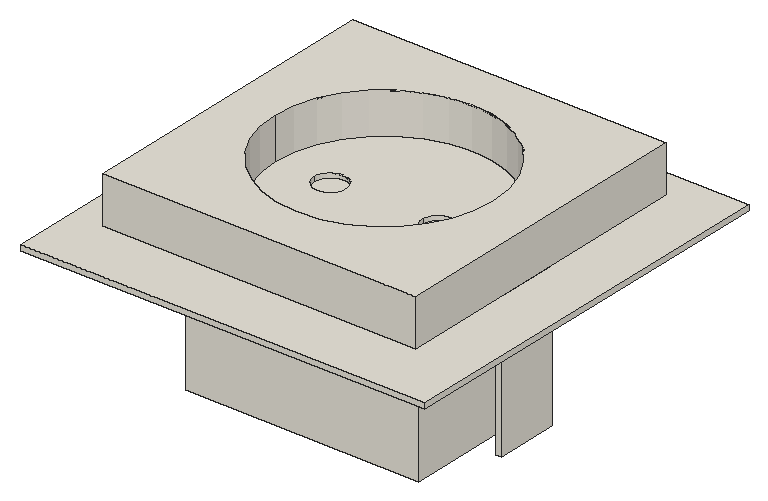
Revit family "Gira_041401", category Electrical Fixtures, host Face, Revit 2017
Family settings
  Host = Face
  Maintain Annotation Orientation = Yes
  Round Connector Dimension = Use Diameter
  Part Type = Normal
  Cut with Voids When Loaded = No
  Shared = No
  Room Calculation Point = No
Parameters (values of type "SCHUKO KD + SH System 55 Cremeweiß")
  Überspannungsschutz = "No"
  Werkstoffgüte = "sonstige"
  Werkstoff = "sonstige"
  Verdrehter Zentraleinsatz = "No"
  URL = "http://katalog.gira.de/de_DE/datenblatt.html?artikelnr=041401"
  Transparent = "No"
  Textfeld/Beschriftungsfläche = "No"
  Sonderstromversorgung = "ohne Sonderstromversorgung"
  Schutzleiterkontakt rund = "No"
  Schutzkontakt = "Yes"
  Region = "DE"
  RAL-Nummer (ähnlich) = "1013 "
  Oberfläche = "sonstige"
  Nennstrom = "16 Ampere"
  Nennspannung = "250 Volt"
  Name = "SCHUKO KD + SH System 55 Cremeweiß"
  Montageart = "unter Putz"
  Model = "SYS55_Steckdose"
  Mit erhöhtem Berührungsschutz = "Yes"
  Mit eingebauter USB-Spannungsversorgung = "No"
  Mit Signallampe = "No"
  Mit Orientierungsbeleuchtung = "No"
  Mit Klappdeckel = "Yes"
  Mit Funktionsbeleuchtung = "No"
  Mit Feinsicherung = "No"
  Mit Ein-/Ausschalter = "No"
  Mit Durchschleiffunktion = "No"
  Manufacturer URL = "https://www.gira.de/"
  Isolierter Einbau = "No"
  HeinzeBIM = "https://bimportal.heinze.de/bim/schuko-kd-sh-system-55-cremeweiss/bd82dc02df0ef36c19f9f513c0456cff2371cf5b"
  Halogenfrei = "Yes"
  HAN = "041401"
  Geeignet für Schutzart (IP) = "IP20"
  GTIN = "4010337414018"
  Für "erschwerte Bedingungen" (nach VDE) = "No"
  Frequenz = "50 - 50"
  Fehlerstromschutz = "No"
  Farbe = "cremeweiß (elektroweiß)"
  Default Elevation = 1219.2 mm
  Data sheet (1) = "https://katalog.gira.de/de_DE/download.html?artikelnr=041401"
  Cremeweiß glänzend = Cremeweiß glänzend
  Category = "Steckdose"
  Befestigungsart = "Krallen-/Schraubbefestigung"
  Available = "Yes"
  Auswurfmechanismus = "No"
  Ausführung der Oberfläche = "glänzend"
  Ausführung = "Schuko"
  Aufdruck/Kennzeichnung = "sonstige"
  Anzahl der Steckdosen schaltbar = "0 "
  Anzahl der Module (bei Modulbauweise) = "1 "
  Anzahl der Einheiten = "1 "
  Antibakterielle Behandlung = "No"
  Anschlussart = "Steckklemme"
  Abschließbar = "No"
Reference planes
  plane 1 "Center (Front/Back)": y = 0
  plane 2 "Reference Level 0": z = 0
  plane 3 "Center (Left/Right)": x = 0
  plane 4: x = 9.5
  plane 5: x = -9.5
  plane 6: x = 9.5
  plane 7: x = -9.5
  plane 8: x = 9.5
  plane 9: x = -9.5
  plane 10: x = 17.5
  plane 11 "Reference Level 1": z = 8.2
Forms (mm)
  Extrusion 1, solid, material "Cremeweiß glänzend" <- "Cremeweiß glänzend", detail levels coarse
    sketch origin (0, 0, 0) x (1, 0, 0) y (0, 1, 0)
      loop
        line (-35.5, 35.5) -> (-35.5, -35.5) -> (35.5, -35.5) -> (35.5, 35.5) -> (-35.5, 35.5)
    from -27.5 to 8.2
  Extrusion 2, solid, material "Cremeweiß glänzend" <- "Cremeweiß glänzend", detail levels medium+fine
    sketch origin (0, 0, 0) x (1, 0, 0) y (0, 1, 0)
      loop
        line (-35.5, 35.5) -> (-35.5, -35.5) -> (35.5, -35.5) -> (35.5, 35.5) -> (-35.5, 35.5)
    from -2.2 to -3.2
  Extrusion 3, solid, material "Cremeweiß glänzend" <- "Cremeweiß glänzend", detail levels medium+fine
    sketch origin (0, 0, 0) x (1, 0, 0) y (0, 1, 0)
      loop
        line (-27.5, 27.5) -> (-27.5, -27.5) -> (27.5, -27.5) -> (27.5, 27.5) -> (-27.5, 27.5)
      loop
        circle (0, 0) r 19.2
    from 0 to 8.2
  Extrusion 4, solid, material "Cremeweiß glänzend" <- "Cremeweiß glänzend", detail levels fine
    sketch origin (0, 0, 0) x (1, 0, 0) y (0, 1, 0)
      loop
        circle (0, 0) r 19.2
      loop
        circle (9.5, 0) r 2.8
      loop
        circle (-9.5, 0) r 2.8
    from 0 to 1
  Extrusion 5, solid, material "Cremeweiß glänzend" <- "Cremeweiß glänzend", detail levels fine
    sketch origin (0, 0, 0) x (1, 0, 0) y (0, 1, 0)
      loop
        circle (-9.5, 0) r 2.8
      loop
        circle (9.5, 0) r 2.8
    from -2.2 to 0.3
  Extrusion 6, solid, material "Cremeweiß glänzend" <- "Cremeweiß glänzend", detail levels medium
    sketch origin (0, 0, 0) x (1, 0, 0) y (0, 1, 0)
      loop
        circle (0, 0) r 19.2
      loop
        circle (9.5, 0) r 2.8
      loop
        circle (-9.5, 0) r 2.8
    from 7.2 to 8.2
  Extrusion 7, solid, material "Cremeweiß glänzend" <- "Cremeweiß glänzend", detail levels medium
    sketch origin (0, 0, 0) x (1, 0, 0) y (0, 1, 0)
      loop
        circle (-9.5, 0) r 2.8
      loop
        circle (9.5, 0) r 2.8
    from 7.2 to 8.2
  Extrusion 8, solid, material "Cremeweiß glänzend" <- "Cremeweiß glänzend", detail levels medium+fine
    sketch origin (0, 0, 0) x (1, 0, 0) y (0, 1, 0)
      loop
        line (-20.5, 9) -> (-20.5, -18) -> (20.5, -18) -> (20.5, 9) -> (17.5, 9) -> (3, 21) -> (3, 24) -> (-3, 24) -> (-3, 21) -> (-17.5, 9) -> (-20.5, 9)
    from 0 to -27.5
  Extrusion 9, solid, material "Cremeweiß glänzend" <- "Cremeweiß glänzend", detail levels medium+fine
    sketch origin (0, 0, 0) x (1, 0, 0) y (0, 1, 0)
      loop
        line (-25, 5.5) -> (-25, -5.5) -> (-24, -5.5) -> (-24, 5.5) -> (-25, 5.5)
    from 0 to -27.5
  Extrusion 10, solid, material "Cremeweiß glänzend" <- "Cremeweiß glänzend", detail levels medium+fine
    sketch origin (0, 0, 0) x (-1, 0, 0) y (0, -1, 0)
      loop
        line (-25, 5.5) -> (-25, -5.5) -> (-24, -5.5) -> (-24, 5.5) -> (-25, 5.5)
    from 0 to -27.5
Dimensions and locks
  aligned and locked: plane 2 "Reference Level 0" to host face
  aligned and locked: level to host face
  aligned and locked: plane 3 "Center (Left/Right)" to nested 1
  aligned and locked: plane 1 "Center (Front/Back)" to nested 1
Nested families
  nested 1: "Steckdose 1-fach Beschriftung" at (0, 0, 0), type "Steckdose 1-fach Beschriftung"
Connectors
  electrical at (0, 9, -27.5)
    settings: on Extrusion 8, index 1, voltage 220 V, apparent load 0 VA, apparent load phase1 0 VA, apparent load phase2 0 VA, apparent load phase3 0 VA, power factor 1, load classification "Other", number of poles 1, system type 31, power factor state 1, is connector primary yes, connector utility no, sub classification motor no, connector description ""
Definition of nested family "Steckdose 1-fach Beschriftung"
  Reference planes
    plane 1: y = 0
    plane 2: x = 0
  Lines and regions (mm)
    detail lines
      curve 1: line (0, 0, 0) -> (0, 2, 0)
      curve 3: line (0, 2, 0) -> (-1, 2, 0)
      curve 4: arc (1, 3, 0) -> (0, 2, 0) -> (-1, 3, 0) r 1
      curve 5: line (0, 2, 0) -> (1, 2, 0)
    reference lines
      curve 2: line (-0.485, 3, 0) -> (2.315, 3, 0)
  Dimensions and locks
    curve 1 to curve 1 = 2 mm
    plane 1 to curve 2 = 3 mm
    curve 3 to curve 3 = 1 mm
